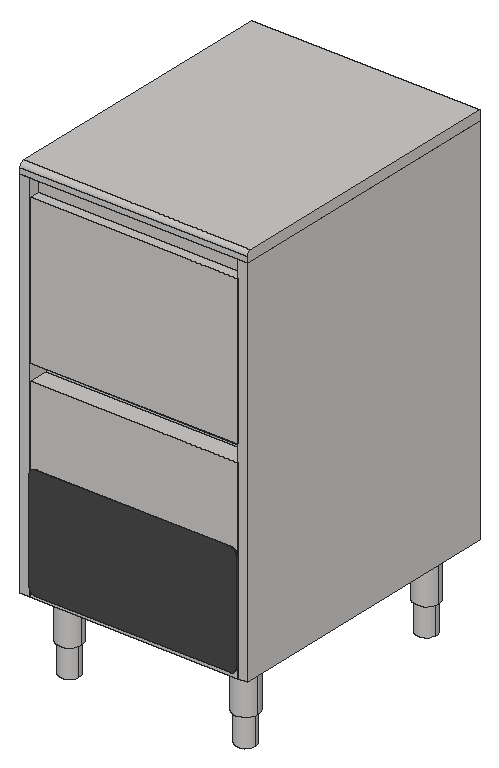
Revit family "QF_ZANUSSI_730302_ICB37I20SNP", category Attrezzature speciali, Revit 2018
Family settings
  Quota connettore circolare = Usa diametro
  Tipo di parte = Normale
  Basato su piano di lavoro = No
  Sempre verticale = Sì
  Taglio con vuoti quando caricato = No
  Condiviso = No
  Punto di calcolo locali = No
Parameters (values of type "Standard")
  Weight = 45.00 kg
  Watts = 1000 W
  Volts = 220 V
  URL Manufacturer = "http://www.zanussiprofessional.com"
  URL = "http://www.zanussiprofessional.com"
  Steam Supply Size = 0 mm
  Steam Supply Minimum Pressure = 0.0 Pa
  Steam Supply Maximum Pressure = 0.0 Pa
  Steam Pounds per Hour = 0
  Show Logo [instance] = yes
  Show Clearance [instance] = yes
  Refrigeration Suction Line Size = 0 mm
  Refrigeration Liquid Line Size = 0 mm
  Refrigerant Compressor Remote = yes
  Produttore = "Zanussi"
  Phase = 1
  Modello = "ICB37I20SNP"
  Length Actual = 465 mm  # constant formula
  Item Number = "730302"
  Hot Water Size = 0 mm
  Height Actual = 894 mm  # constant formula
  HP = "1.3 HP"
  Gas Size = 0 mm
  Gas KW = 0
  Gas Input Pressure = 0 W
  Descrizione = "AIR COOLED ICE CUBER 22GR 37KG/24H-BIN 20KG"
  Depth Actual = 595 mm  # constant formula
  Cycle = 50 Hz
  Condensate Return Size = 0 mm
  Compressed Air Volume = 0.0 L/s
  Compressed Air Size = 0 mm
  Compressed Air Pressure = 0.0 Pa
  Cold Water Size = 19.05 mm
  Accessory = yes
Reference planes
  plane 1 "Center X": y = 272.851
  plane 2: z = 0
  plane 3 "Center Y": x = -501.5
  plane 4 "LEFT": x = -734
  plane 5 "RIGHT": x = -269
  plane 6 "FRONT": y = -24.149
  plane 7 "BACK": y = 569.851
  plane 8: z = 155
  plane 9: z = 944
  plane 10: z = 924
  plane 11: x = -714
  plane 12: x = -289
  plane 13: y = 15.851
Forms (mm)
  Extrusion 1, solid, material "QF_Finishes_Black"
    sketch origin (-217.296, -24.149, 371.513) x (-1, 0, 0) y (0, 0, -1)
      loop
        arc (481.704, -21.487) -> (492.311, -17.093) -> (496.704, -6.487) r 15
        line (496.704, -6.487) -> (496.704, 194.469)
        arc (496.704, 194.469) -> (492.311, 205.075) -> (481.704, 209.469) r 15
        line (481.704, 209.469) -> (86.704, 209.469)
        arc (86.704, 209.469) -> (76.097, 205.075) -> (71.704, 194.469) r 15
        line (71.704, 194.469) -> (71.704, -6.487)
        arc (71.704, -6.487) -> (76.097, -17.093) -> (86.704, -21.487) r 15
        line (86.704, -21.487) -> (481.704, -21.487)
    from 0 to 2
  Extrusion 2, solid, material "QF_Finishes_Stainless Steel"
    sketch origin (-501.5, 0, 0) x (0, 1, 0) y (0, 0, 1)
      loop
        line (569.851, 924) -> (569.851, 944) -> (-14.149, 944)
        arc (-14.149, 944) -> (-21.22, 941.071) -> (-24.149, 934) r 10
        line (-24.149, 934) -> (-24.149, 924) -> (569.851, 924)
    from -232.5 to 232.5
  Extrusion 3, solid, material "QF_Finishes_Stainless Steel"
    sketch origin (-321.2, 569.851, -329.545) x (1, 0, 0) y (0, 0, -1)
      loop
        circle (-16.8, -655.545) r 10
    from 0 to 10
  Extrusion 4, solid, material "QF_Finishes_Stainless Steel"
    sketch origin (0, 0, 0) x (1, 0, 0) y (0, 1, 0)
      loop
        line (-734, 569.851) -> (-734, -24.149) -> (-714, -24.149) -> (-714, 569.851) -> (-734, 569.851)
    from 155 to 924
  Extrusion 5, solid, material "QF_Finishes_Stainless Steel"
    sketch origin (0, 0, 0) x (1, 0, 0) y (0, 1, 0)
      loop
        line (-289, 569.851) -> (-289, -24.149) -> (-269, -24.149) -> (-269, 569.851) -> (-289, 569.851)
    from 155 to 924
  Extrusion 6, solid, material "QF_Finishes_Stainless Steel"
    sketch origin (0, 0, 0) x (1, 0, 0) y (0, 1, 0)
      loop
        line (-714, 569.851) -> (-714, 15.851) -> (-289, 15.851) -> (-289, 569.851) -> (-714, 569.851)
    from 155 to 924
  Extrusion 7, solid, material "QF_Finishes_Stainless Steel"
    sketch origin (0, 0, 0) x (1, 0, 0) y (0, 1, 0)
      loop
        line (-714, -24.149) -> (-289, -24.149) -> (-289, 15.851) -> (-714, 15.851) -> (-714, -24.149)
    from 155 to 550.848
  Extrusion 8, solid, material "QF_Finishes_Stainless Steel"
    sketch origin (-501.5, 0, 0) x (0, 1, 0) y (0, 0, 1)
      loop
        line (15.851, 924) -> (-4.149, 924) -> (-4.149, 888) -> (-24.149, 888) -> (-24.149, 584.768) -> (-4.149, 584.768) -> (-4.149, 569) -> (15.851, 569) -> (15.851, 924)
    from -212.5 to 212.5
  Extrusion 9, solid, material "QF_Finishes_Stainless Steel"
    sketch origin (-303.2, 569.851, -440.545) x (1, 0, 0) y (0, 0, -1)
      loop
        circle (-16.8, -655.545) r 10
    from 0 to 10
  Extrusion 10, solid, material "QF_Finishes_Stainless Steel"
    sketch origin (-363.2, 569.851, -361.545) x (1, 0, 0) y (0, 0, -1)
      loop
        circle (-16.8, -655.545) r 10
    from 0 to 10
Lines and regions (mm)
  Split face 1
    outline origin (-501.5, -4.149, 924) x (0, 0, -1) y (1, 0, 0)
      loop
        line (5.715, 89.928) -> (30.715, 89.928) -> (30.715, 129.928) -> (5.715, 129.928) -> (5.715, 89.928)
  symbolic lines
    curve 1: line (-734, 569.851, 0) -> (-269, 569.851, 0)
    curve 2: line (-734, -24.149, 0) -> (-734, 569.851, 0)
    curve 3: line (-269, -24.149, 0) -> (-734, -24.149, 0)
    curve 4: line (-269, 569.851, 0) -> (-269, -24.149, 0)
Dimensions and locks
  equal spacing: plane 4 "LEFT", plane 3 "Center Y", plane 5 "RIGHT"
  plane 4 "LEFT" to plane 5 "RIGHT" = 465 mm
  equal spacing: plane 7 "BACK", plane 1 "Center X", plane 6 "FRONT"
  plane 7 "BACK" to plane 6 "FRONT" = 594 mm
  plane 8 to plane 2 = 155 mm
  plane 9 to plane 8 = 789 mm
  locked: plane 4 "LEFT" to plane 11 at 20
  locked: plane 12 to plane 5 "RIGHT" at 20
  locked: plane 9 to plane 10 at 20
  locked: plane 13 to plane 6 "FRONT" at 40
  aligned and locked: level to plane 2
  aligned and locked: plane 5 "RIGHT" to Extrusion 2
  aligned and locked: Extrusion 2 to plane 4 "LEFT"
  aligned and locked: Extrusion 4 sketch curve to Extrusion 2  (x2)
  aligned and locked: plane 6 "FRONT" to Extrusion 4 sketch curve
  aligned and locked: Extrusion 4 sketch curve to plane 11
  aligned and locked: Extrusion 5 sketch curve to plane 7 "BACK"
  aligned and locked: plane 12 to Extrusion 5 sketch curve
  aligned and locked: Extrusion 5 sketch curve to Extrusion 2  (x2)
  aligned and locked: plane 10 to Extrusion 4
  aligned and locked: plane 10 to Extrusion 5
  aligned and locked: Extrusion 4 to plane 8
  aligned and locked: Extrusion 5 to plane 8
  aligned and locked: Extrusion 6 sketch curve to Extrusion 4
  aligned and locked: Extrusion 4 to Extrusion 6 sketch curve
  aligned and locked: plane 13 to Extrusion 6 sketch curve
  aligned and locked: Extrusion 6 sketch curve to plane 12
  aligned and locked: plane 10 to Extrusion 6
  aligned and locked: Extrusion 6 to plane 8
  aligned and locked: Extrusion 4 to Extrusion 7 sketch curve
  aligned and locked: Extrusion 7 sketch curve to Extrusion 4
  aligned and locked: plane 13 to Extrusion 7 sketch curve
  aligned and locked: plane 12 to Extrusion 7 sketch curve
  aligned and locked: Extrusion 7 to plane 8
  aligned and locked: plane 12 to Extrusion 8
  aligned and locked: Extrusion 8 to plane 11
Automatic sketch dimensions
  curve 3 to plane 4 "LEFT" = 0 mm
  curve 3 to plane 5 "RIGHT" = 0 mm
  curve 3 to plane 6 "FRONT" = 0 mm
  curve 2 to plane 7 "BACK" = 0 mm
  Extrusion 1 sketch curve to plane 12 = 0 mm
  plane 8 to Extrusion 1 sketch curve = 7.044 mm
  Extrusion 1 sketch curve to Extrusion 1 sketch curve = 15 mm  (x3)
  plane 11 to Extrusion 1 sketch curve = 15 mm  (x2)
  Extrusion 1 sketch curve to Extrusion 1 sketch curve = 200.956 mm
  Extrusion 2 sketch curve to plane 6 "FRONT" = 0 mm
  Extrusion 2 sketch curve to plane 9 = 0 mm
  Extrusion 2 sketch curve to plane 7 "BACK" = 0 mm
  Extrusion 2 sketch curve to plane 10 = 0 mm
  plane 6 "FRONT" to Extrusion 2 sketch curve = 10 mm
  Extrusion 6 to Extrusion 3 sketch curve = 171 mm
  Extrusion 3 sketch curve to Extrusion 6 = 49 mm
  Extrusion 8 sketch curve to plane 6 "FRONT" = 0 mm
  Extrusion 8 sketch curve to plane 10 = 0 mm
  Extrusion 8 sketch curve to plane 13 = 0 mm
  plane 6 "FRONT" to Extrusion 8 sketch curve = 20 mm  (x2)
  Extrusion 8 sketch curve to plane 10 = 36 mm
  Extrusion 8 sketch curve to Extrusion 8 sketch curve = 303.232 mm
  Extrusion 8 sketch curve to Extrusion 8 sketch curve = 15.768 mm
  Split face 1 sketch curve to Extrusion 8 = 5.715 mm
  Extrusion 8 to Split face 1 sketch curve = 5.285 mm
  Split face 1 sketch curve to Extrusion 8 = 122.572 mm
  Split face 1 sketch curve to Split face 1 sketch curve = 40 mm
  Extrusion 9 sketch curve to Extrusion 6 = 31 mm
  Extrusion 6 to Extrusion 9 sketch curve = 60 mm
  Extrusion 10 sketch curve to Extrusion 6 = 91 mm
  Extrusion 6 to Extrusion 10 sketch curve = 139 mm
  radius of Extrusion 3 sketch curve = 10 mm
  radius of Extrusion 9 sketch curve = 10 mm
  radius of Extrusion 10 sketch curve = 10 mm
Nested families
  nested 1: "Foot_Complete" at (-682, 36.851, 0), type "Foot_Complete"
    with H 155 mm
  nested 2: "Foot_Complete" at (-321, 36.851, 0) x (-1, 0, 0) z (0, 0, 1), type "Foot_Complete"
    with H 155 mm
  nested 3: "Foot_Complete" at (-682, 498.851, 0), type "Foot_Complete"
    with H 155 mm
  nested 4: "Foot_Complete" at (-321, 498.851, 0) x (-1, 0, 0) z (0, 0, 1), type "Foot_Complete"
    with H 155 mm
Connectors
  electrical at (-320, 579.851, 215), driven by "Volts"
    settings: on Extrusion 9, index 1, voltage 220 V, apparent load 0 VA, apparent load phase1 0 VA, apparent load phase2 0 VA, apparent load phase3 0 VA, power factor 1, load classification "Altro", number of poles 1, system type 30, power factor state 1, is connector primary yes, connector utility no, sub classification motor no, connector description "Electrical Connection"
  piping at (-338, 579.851, 326), diameter 20
    settings: on Extrusion 3, index 2, connector inside diameter 609.6 mm, connector length 0 mm, flow factor 0, pipe flow 0.0 L/s, pressure drop 0.0 Pa, fitting loss kfactor 0, connector angle 0.00°, fixture units 0, engagement length 0 mm, angle of deflection 0.00°, flow configuration 0, flow direction 0, fitting loss method 0, system type 20, joint type 0, gender type 0, connector reference index -1, connector utility 0, adjustable connector no, is connector primary yes, connector description "Cold water"
  piping at (-380, 579.851, 294), diameter 20
    settings: on Extrusion 10, index 3, connector inside diameter 609.6 mm, connector length 0 mm, flow factor 0, pipe flow 0.0 L/s, pressure drop 0.0 Pa, fitting loss kfactor 0, connector angle 0.00°, fixture units 0, engagement length 0 mm, angle of deflection 0.00°, flow configuration 0, flow direction 0, fitting loss method 0, system type 16, joint type 0, gender type 0, connector reference index -1, connector utility 0, adjustable connector no, is connector primary no, connector description "Drain"
Definition of nested family "Foot_Complete"
  Parameters (values of type "Foot_Complete")
    R = 25 mm
    H = 153 mm
  Reference planes
    plane 1 "Centro (Fronte/Retro)": y = 0
    plane 2: z = 0
    plane 3 "Centro (Sinistra/Destra)": x = 0
    plane 4: z = 153
  Forms (mm)
    Revolve 1, solid
      sketch origin (255.05, 0, 608.09) x (0, 0, 1) y (-1, 0, 0)
        loop
          line (-608.09, 255.05) -> (-608.09, 235.05) -> (-548.09, 235.05) -> (-548.09, 230.05) -> (-455.09, 230.05) -> (-455.09, 255.05) -> (-608.09, 255.05)
        axis (-608.09, 255.05) -> (-455.09, 255.05)
      angle from 0 to 360
  Dimensions and locks
    level to Revolve 1 sketch curve = 60 mm
    "R": Revolve 1 sketch curve to plane 3 "Centro (Sinistra/Destra)"
    "H": plane 4 to level
    aligned and locked: level to plane 2
    aligned and locked: plane 4 to Revolve 1 sketch curve
    aligned and locked: Revolve 1 sketch curve to level
    aligned and locked: plane 3 "Centro (Sinistra/Destra)" to Revolve 1 sketch curve
  Automatic sketch dimensions
    Revolve 1 sketch curve to plane 3 "Centro (Sinistra/Destra)" = 0 mm
    plane 3 "Centro (Sinistra/Destra)" to Revolve 1 sketch curve = 20 mm
    Revolve 1 sketch curve to Revolve 1 sketch curve = 50 mm
    Revolve 1 sketch curve to Revolve 1 sketch curve = 20 mm
